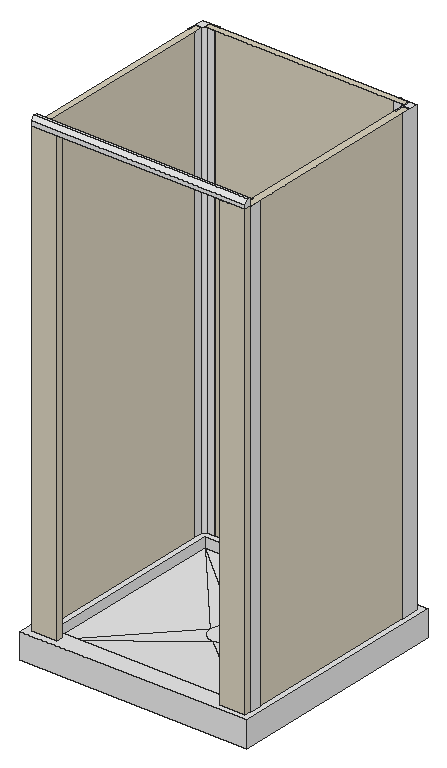
Revit family "Compartment_Scranton_Enclosed-Shower-Rabbeted", category Generic Models, host Face, Revit 2026
Family settings
  Host = Face
  Can host rebar = No
  Round Connector Dimension = Use Diameter
  Part Type = Normal
  Cut with Voids When Loaded = No
  Maintain Annotation Orientation = No
  Shared = No
  Room Calculation Point = No
Parameters
  rightpilasterwidth = if(or(Standalone Compartment, Corner Right SideBySide Compartment), 0' 4", 0' 6 1/16")  # 0' - 4"
  rightpilasteradjust = if(or(Corner Left SideBySide Compartment, Middle SideBySide Compartment), 0' 1", 0' 0")  # 0' - 0"
  leftpilasterwidth = if(or(Standalone Compartment, Corner Left SideBySide Compartment), 0' 4", 0' 6 1/16")  # 0' - 4"
  leftpilasteradjust = if(or(Corner Right SideBySide Compartment, Middle SideBySide Compartment), 0' 1", 0' 0")  # 0' - 0"
  Warranty Duration (Years) = 0
  Unit Height = Base Height + Panel Height  # 6' - 4"
  URL = "http://www.scrantonproducts.com/"
  Test Data = ""
  Standalone Compartment = yes
  Specification = "http://www.arcat.com/sdspecs/htm/10155spi.htm"
  SpecWizard = "http://www.arcat.com/specwizard/10155spi/index.htm?coid=45422"
  Send Message = "http://www.arcat.com/users.pl?action=UserEmail&company=Scranton%20Products&coid=45422&rep=154&fax=800-551-6993&mf="
  Sales Information = "http://www.scrantonproducts.com/locator/"
  Revision = "R1_8_2013"
  Product Properties = "http://www.arcat.com/bim/bim_info.pl?fn=Scranton"
  Product Data = "http://www.arcat.com/arcatcos/cos45/arc45422.html"
  Panel Height = 6' - 0"
  Model = "As Specified"
  Middle SideBySide Compartment = no
  Manufacturer Website = "http://www.scrantonproducts.com/"
  Manufacturer Phone - Toll Free = "800-445-5148"
  Manufacturer Phone = "800-445-5148"
  Manufacturer Fax = "800-551-6993"
  Manufacturer Address = "801 E. Corey St., Scranton, PA 18507"
  Manufacturer = "Scranton Products"
  Maintenance Schedule (Months) = 0
  Keynote = "10155"
  Installation-Fabrication = ""
  Installation Phase = ""
  Hardware Finish [instance] = Plastic - HDPE - Scranton - Speckled - Clacier Grey
  Green Building-LEED = "http://www.arcat.com/green/clients/leed_data_45422.html"
  Fixture Material [instance] = Plastic - HDPE - Scranton - Desert Beige
  Expected Lifespan (Years) = 0
  Drawn By = "Sumex Design, Inc. / Robert S. Weygant, CSI, CDT, SCIP"
  Description = "Plastic Vanity as Specified"
  Default Elevation = 4' - 0"
  Corner Right SideBySide Compartment = no
  Corner Left SideBySide Compartment = no
  Copyright = "©Arcat Inc."
  Construction Details = ""
  Building Codes = ""
  Base Width = 3' - 0"
  Base Height = 0' - 4"
  Base Finish [instance] = Plastic - HDPE - Scranton - Speckled - Clacier Grey
  Base Depth = 3' - 0"
  Assembly Code = "D2010400"
Reference planes (in)
  plane 1 "CL": y = -0.78941
  plane 2: z = 0
  plane 3 "Center (Left/Right)": x = 0
  plane 4: x = -18
  plane 5: x = 18
  plane 6: z = 76
  plane 7: y = 17.21059
  plane 8: y = -18.78941
  plane 9: z = 4
  plane 10: x = 18
  plane 11: x = -18
Forms (in)
  Extrusion 1, solid, material "Plastic - HDPE - Scranton - Speckled - Clacier Grey" <- "Base Finish"
    sketch origin (0, 6.27309, 0) x (1, 0, 0) y (0, 1, 0)
      loop
        line (-18, 10.9375) -> (-18, -25.0625) -> (18, -25.0625) -> (18, 10.9375) -> (-18, 10.9375)
    from 0 to 4
  Extrusion 2, void
    sketch origin (-10, -180, 4) x (-1, 0, 0) y (0, -1, 0)
      loop
        line (5, -194.21059) -> (5, -164.21059) -> (-25, -164.21059) -> (-25, -194.21059) -> (5, -194.21059)
    from 0 to -1.5
  Blend 3, void
    base sketch origin (-10, -180, 4) x (-1, 0, 0) y (0, -1, 0)
      loop
        line (5, -194.21059) -> (5, -164.21059) -> (-25, -164.21059) -> (-25, -194.21059) -> (5, -194.21059)
    top sketch origin (-10, -180, 4) x (0, -1, 0) y (1, 0, 0)
      loop
        arc (-179.21059, 7.75) -> (-177.6196, 8.40901) -> (-176.96059, 10) r 2.25
        arc (-176.96059, 10) -> (-177.6196, 11.59099) -> (-179.21059, 12.25) r 2.25
        arc (-179.21059, 12.25) -> (-180.80158, 11.59099) -> (-181.46059, 10) r 2.25
        arc (-181.46059, 10) -> (-180.80158, 8.40901) -> (-179.21059, 7.75) r 2.25
    from -1.5 to -2
  Extrusion 4, solid, material "Plastic - HDPE - Scranton - Desert Beige" <- "Fixture Material"
    sketch origin (0, 0, 0) x (1, 0, 0) y (0, 1, 0)
      loop
        line (-17, -17.78941) -> (-13, -17.78941) -> (-13, -16.78941) -> (-17, -16.78941) -> (-17, -17.78941)
    from 4 to 76
  Extrusion 5, solid, material "Plastic - HDPE - Scranton - Desert Beige" <- "Fixture Material"
    sketch origin (0, 0, 0) x (-1, 0, 0) y (0, -1, 0)
      loop
        line (-17, 17.78941) -> (-17, 16.78941) -> (-13, 16.78941) -> (-13, 17.78941) -> (-17, 17.78941)
    from 4 to 76
  Extrusion 6, solid, material "Plastic - HDPE - Scranton - Speckled - Clacier Grey" <- "Hardware Finish"
    sketch origin (0, 0, 0) x (1, 0, 0) y (0, 1, 0)
      loop
        line (-14.9375, -16.78941) -> (-14.9375, -16.53941) -> (-15.9375, -16.53941) -> (-15.9375, -15.03941) -> (-16, -15.03941) -> (-16, -16.53941) -> (-17, -16.53941) -> (-17, -15.03941) -> (-17.0625, -15.03941) -> (-17.0625, -16.78941) -> (-14.9375, -16.78941)
      loop
        line (14.9375, -16.78941) -> (17.0625, -16.78941) -> (17.0625, -15.03941) -> (17, -15.03941) -> (17, -16.53941) -> (16, -16.53941) -> (16, -15.03941) -> (15.9375, -15.03941) -> (15.9375, -16.53941) -> (14.9375, -16.53941) -> (14.9375, -16.78941)
    from 4 to 76
  Extrusion 7, solid, material "Plastic - HDPE - Scranton - Desert Beige" <- "Fixture Material"
    sketch origin (0, 0, 0) x (1, 0, 0) y (0, 1, 0)
      loop
        line (-17, -16.53941) -> (-16, -16.53941) -> (-16, 14.83559) -> (-17, 14.83559) -> (-17, -16.53941)
      loop
        line (16, -16.53941) -> (17, -16.53941) -> (17, 14.83559) -> (16, 14.83559) -> (16, -16.53941)
    from 4 to 76
  Extrusion 8, solid, material "Plastic - HDPE - Scranton - Desert Beige" <- "Fixture Material"
    sketch origin (0, 0, 0) x (1, 0, 0) y (0, 1, 0)
      loop
        line (15.875, 16.21059) -> (-15.875, 16.21059) -> (-15.875, 15.21059) -> (15.875, 15.21059) -> (15.875, 16.21059)
    from 4 to 76
  Extrusion 9, solid, material "Plastic - HDPE - Scranton - Speckled - Clacier Grey" <- "Hardware Finish"
    sketch origin (0, 0, 0) x (1, 0, 0) y (0, 1, 0)
      loop
        line (-16, 13.46059) -> (-15.9375, 13.46059) -> (-15.9375, 14.64809)
        arc (-15.9375, 14.64809) -> (-15.79105, 15.00164) -> (-15.4375, 15.14809) r 0.5
        line (-15.4375, 15.14809) -> (-14.25, 15.14809) -> (-14.25, 15.21059) -> (-15.875, 15.21059) -> (-15.875, 16.21059) -> (-14.25, 16.21059) -> (-14.25, 16.27309) -> (-17.0625, 16.27309) -> (-17.0625, 13.46059) -> (-17, 13.46059) -> (-17, 14.83559) -> (-16, 14.83559) -> (-16, 13.46059)
      loop
        line (16, 13.46059) -> (16, 14.83559) -> (17, 14.83559) -> (17, 13.46059) -> (17.0625, 13.46059) -> (17.0625, 16.27309) -> (14.25, 16.27309) -> (14.25, 16.21059) -> (15.875, 16.21059) -> (15.875, 15.21059) -> (14.25, 15.21059) -> (14.25, 15.14809) -> (15.4375, 15.14809)
        arc (15.4375, 15.14809) -> (15.79105, 15.00164) -> (15.9375, 14.64809) r 0.5
        line (15.9375, 14.64809) -> (15.9375, 13.46059) -> (16, 13.46059)
    from 4 to 76
  Extrusion 10, solid, material "Plastic - HDPE - Scranton - Speckled - Clacier Grey" <- "Hardware Finish"
    sketch origin (0, 0, 0) x (0, 1, 0) y (0, 0, 1)
      loop
        line (-16.78941, 77.25) -> (-17.21869, 77.25) -> (-17.78941, 76.67928) -> (-17.78941, 76) -> (-16.78941, 76) -> (-16.78941, 77.25)
    from -17 to 17
Cuts and joins
  Extrusion 2, Blend 3 cuts Extrusion 1
Dimensions and locks (in)
  equal spacing: plane 4, plane 3 "Center (Left/Right)", plane 5
  "Base Width": plane 4 to plane 5
  equal spacing: plane 7, plane 1 "CL", plane 8
  "Base Depth": plane 7 to plane 8
  locked: plane 4 to Extrusion 2 sketch curve at 3
  locked: Extrusion 2 sketch curve to plane 5 at 3
  locked: Extrusion 2 sketch curve to plane 8 at 3
  locked: plane 7 to Extrusion 2 sketch curve at 3
  locked: plane 4 to Blend 3 sketch curve at 3
  locked: Blend 3 sketch curve to plane 5 at 3
  locked: plane 7 to Blend 3 sketch curve at 3
  locked: Blend 3 sketch curve to plane 8 at 3
  "leftpilasterwidth": Extrusion 4 sketch curve to Extrusion 4 sketch curve
  "rightpilasterwidth": Extrusion 5 sketch curve to Extrusion 5 sketch curve
  "Base Height": plane 9 to host face
  "Panel Height": plane 6 to plane 9
  "rightpilasteradjust": plane 5 to plane 10
  "leftpilasteradjust": plane 11 to plane 4
  locked: Extrusion 5 sketch curve to plane 10 at 1
  locked: plane 11 to Extrusion 4 sketch curve at 1
  aligned and locked: plane 2 to host face
  aligned and locked: level to host face
  aligned and locked: Extrusion 1 to plane 9
  aligned and locked: plane 6 to Extrusion 8
  aligned and locked: plane 9 to Extrusion 8
  aligned and locked: plane 6 to Extrusion 5
  aligned and locked: plane 9 to Extrusion 5
  aligned and locked: plane 6 to Extrusion 4
  aligned and locked: plane 9 to Extrusion 4
  aligned and locked: plane 6 to Extrusion 9
  aligned and locked: plane 9 to Extrusion 9
  aligned and locked: plane 6 to Extrusion 6
  aligned and locked: plane 9 to Extrusion 6
  aligned and locked: plane 6 to Extrusion 7
  aligned and locked: plane 9 to Extrusion 7
  aligned and locked: Extrusion 5 to Extrusion 10
  aligned and locked: Extrusion 10 to Extrusion 4
Automatic sketch dimensions
  host sketch curve to host sketch curve = 8' - 0"  (x2)
  Extrusion 1 sketch curve to plane 4 = 0' - 0"
  Extrusion 1 sketch curve to plane 5 = 0' - 0"
  Extrusion 1 sketch curve to plane 8 = 0' - 0"
  Extrusion 1 sketch curve to plane 7 = 0' - 0"
  plane 8 to Extrusion 4 sketch curve = 0' - 1"
  Extrusion 4 sketch curve to Extrusion 4 sketch curve = 0' - 1"
  Extrusion 5 sketch curve to plane 8 = 0' - 1"
  Extrusion 5 sketch curve to Extrusion 5 sketch curve = 0' - 1"
  plane 4 to Extrusion 6 sketch curve = 0' - 0 15/16"
  Extrusion 6 sketch curve to Extrusion 6 sketch curve = 0' - 0 1/16"  (x4)
  Extrusion 6 sketch curve to Extrusion 6 sketch curve = 0' - 1"  (x3)
  Extrusion 6 sketch curve to plane 5 = 0' - 3 1/16"
  Extrusion 6 sketch curve to plane 5 = 0' - 1"
  plane 8 to Extrusion 6 sketch curve = 0' - 2"  (x2)
  Extrusion 6 sketch curve to Extrusion 6 sketch curve = 0' - 0 1/4"  (x2)
  Extrusion 6 sketch curve to Extrusion 6 sketch curve = 0' - 0"  (x4)
  Extrusion 6 sketch curve to Extrusion 6 sketch curve = 0' - 1 1/2"  (x2)
  plane 4 to Extrusion 8 sketch curve = 0' - 2 1/8"
  Extrusion 8 sketch curve to plane 5 = 0' - 2 1/8"
  Extrusion 8 sketch curve to Extrusion 8 sketch curve = 0' - 1"
  Extrusion 8 sketch curve to plane 7 = 0' - 2"
  plane 4 to Extrusion 7 sketch curve = 0' - 1"
  Extrusion 7 sketch curve to Extrusion 7 sketch curve = 0' - 1"
  Extrusion 7 sketch curve to plane 5 = 0' - 2"
  Extrusion 7 sketch curve to plane 5 = 0' - 1"
  plane 8 to Extrusion 7 sketch curve = 0' - 2 1/4"  (x2)
  Extrusion 7 sketch curve to plane 7 = 0' - 2 3/8"  (x2)
  plane 4 to Extrusion 9 sketch curve = 0' - 0 15/16"
  plane 4 to Extrusion 9 sketch curve = 0' - 1"
  Extrusion 9 sketch curve to Extrusion 9 sketch curve = 0' - 1"  (x3)
  Extrusion 9 sketch curve to Extrusion 9 sketch curve = 0' - 0 1/16"  (x2)
  Extrusion 9 sketch curve to Extrusion 9 sketch curve = 0' - 1 3/16"  (x5)
  Extrusion 9 sketch curve to Extrusion 9 sketch curve = 0' - 0 7/16"  (x2)
  Extrusion 9 sketch curve to Extrusion 9 sketch curve = 0' - 0"  (x4)
  Extrusion 9 sketch curve to plane 7 = 0' - 2 1/16"
  Extrusion 9 sketch curve to plane 5 = 0' - 3 3/4"
  Extrusion 9 sketch curve to Extrusion 9 sketch curve = 0' - 0 1/2"
  Extrusion 9 sketch curve to plane 5 = 0' - 0 15/16"
  Extrusion 9 sketch curve to plane 7 = 0' - 2 9/16"
  Extrusion 9 sketch curve to Extrusion 9 sketch curve = 0' - 0 3/16"  (x2)
  Extrusion 9 sketch curve to Extrusion 9 sketch curve = 0' - 0 3/8"  (x2)
  Extrusion 9 sketch curve to plane 7 = 0' - 1"
  Extrusion 9 sketch curve to plane 7 = 0' - 0 15/16"  (x2)
  Blend 3 sketch curve to Blend 3 sketch curve = 0' - 0"  (x12)
  Blend 3 sketch curve to plane 3 "Center (Left/Right)" = 0' - 0"
  plane 1 "CL" to Blend 3 sketch curve = 0' - 0"
  Blend 3 sketch curve to plane 1 "CL" = 0' - 2 1/4"
  Extrusion 10 sketch curve to plane 6 = 0' - 0"
  plane 8 to Extrusion 10 sketch curve = 0' - 1"
  Extrusion 10 sketch curve to Extrusion 10 sketch curve = 0' - 0.57072"  (x2)
  Extrusion 10 sketch curve to Extrusion 10 sketch curve = 0' - 1"
  plane 6 to Extrusion 10 sketch curve = 0' - 0.67928"
